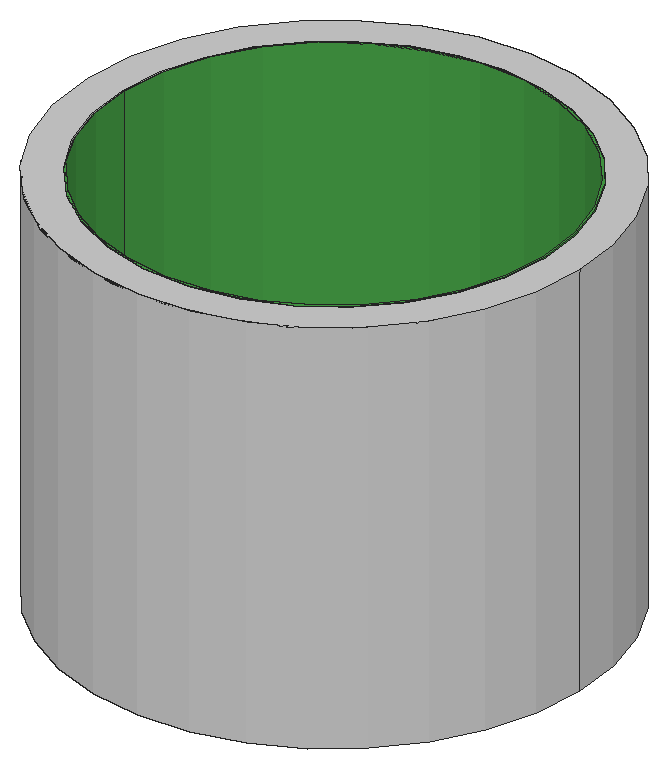
Revit family "Кольцо с плитой низа", category Обобщенные модели, Revit 2015
Parameters (values of type "ДК-10.9-ФУТ "ПБК ЭКОВЭЛЛ" с анкерными листами V-Lock")
  Толщина футеровки = 4 mm
  Толщина стенки = 80 mm
  Толщина основания = 100 mm
  Тип материалов покрытия = Полиэтилен низкого давления
  Тип бетона = БСТ B20 П1 F200 W4 ГОСТ 7473-2010
  Сайт изготовителя = "http://gisspb.ru/"
  Масса = 850.00 kg
  Изготовитель = "ООО \"ГИС\""
  Документ регламентирующий производство = "ТУ 5855-001-23107031-2013"
  Город и страна производства = "Санкт-Петербург, Российская Федерация"
  Высота = 890 mm
  Внутрений диаметр по футеровке = Внутрений диаметр - 2 * Толщина футеровки  # 992 mm
  Внутрений диаметр = 1000 mm
  Внешний диаметр = Внутрений диаметр + 2 * Толщина стенки  # 1160 mm
Types (2, lengths in mm): name | Толщина стенки | Толщина основания | Масса | Внутрений диаметр по футеровке | Внутрений диаметр | Внешний диаметр
  ДК-15.9 ФУТ "ПБК ЭКОВЭЛЛ" с анкерными листами V-Lock | 90 | 120 | 1500.00 kg | 1492 | 1500 | 1680
  ДК-10.9-ФУТ "ПБК ЭКОВЭЛЛ" с анкерными листами V-Lock | 80 | 100 | 850.00 kg | 992 | 1000 | 1160
Reference planes
  plane 1 "По центру (Вперед/Назад)": y = 0
  plane 2: z = 0
  plane 3 "По центру (Влево/Вправо)": x = 0
  plane 4: x = -500
  plane 5: x = 500
  plane 6: y = 500
  plane 7: y = -500
  plane 8: z = 890
  plane 9: x = -580
  plane 10: x = 580
  plane 11: y = 580
  plane 12: y = -580
  plane 13: z = 100
  plane 14: z = 104
Forms (mm)
  Extrusion 1, solid, material "БСТ B20 П1 F200 W4 ГОСТ 7473-2010" <- "Тип бетона"
    sketch origin (0, 0, 0) x (1, 0, 0) y (0, 1, 0)
      loop
        circle (0, 0) r 580
    from 0 to 890 <- "Высота"
  Extrusion 2, void
    sketch origin (0, 0, 0) x (1, 0, 0) y (0, 1, 0)
      loop
        circle (0, 0) r 500
    from 100 to 890
  Extrusion 3, solid, material "Полиэтилен низкого давления" <- "Тип материалов покрытия"
    sketch origin (0, 0, 0) x (1, 0, 0) y (0, 1, 0)
      loop
        circle (0, 0) r 500
      loop
        circle (0, 0) r 496
    from 100 to 890
  Extrusion 4, solid, material "Полиэтилен низкого давления" <- "Тип материалов покрытия"
    sketch origin (0, 0, 0) x (1, 0, 0) y (0, 1, 0)
      loop
        circle (0, 0) r 500
    from 100 to 104
Cuts and joins
  Extrusion 2 cuts Extrusion 1
  joined: Extrusion 3, Extrusion 4
Dimensions and locks
  equal spacing: plane 4, plane 3 "По центру (Влево/Вправо)", plane 5
  equal spacing: plane 6, plane 1 "По центру (Вперед/Назад)", plane 7
  "Внутрений диаметр": plane 6 to plane 7
  "Внутрений диаметр": plane 4 to plane 5
  "Высота": plane 8 to level
  "Толщина стенки": plane 6 to plane 11
  "Толщина стенки": plane 7 to plane 12
  "Толщина стенки": plane 5 to plane 10
  "Толщина стенки": plane 9 to plane 4
  "Толщина основания": plane 13 to level
  "Толщина футеровки": plane 14 to plane 13
  "Внешний диаметр": diameter of Extrusion 1 sketch curve
  "Внутрений диаметр": diameter of Extrusion 2 sketch curve
  "Внутрений диаметр по футеровке": diameter of Extrusion 3 sketch curve
  "Внутрений диаметр": diameter of Extrusion 3 sketch curve
  "Внутрений диаметр": diameter of Extrusion 4 sketch curve
  aligned and locked: level to plane 2
  aligned and locked: plane 8 to Extrusion 2
  aligned and locked: Extrusion 2 to plane 13
  aligned and locked: cut or joined group of Extrusion 1, Extrusion 2 to Extrusion 3
  aligned and locked: Extrusion 3 to cut or joined group of Extrusion 1, Extrusion 2
  aligned and locked: Extrusion 4 to cut or joined group of Extrusion 1, Extrusion 2
  aligned and locked: plane 14 to Extrusion 4
Automatic sketch dimensions
  plane 1 "По центру (Вперед/Назад)" to Extrusion 1 sketch curve = 0 mm
  Extrusion 1 sketch curve to plane 3 "По центру (Влево/Вправо)" = 0 mm
  plane 1 "По центру (Вперед/Назад)" to Extrusion 2 sketch curve = 0 mm
  Extrusion 2 sketch curve to plane 3 "По центру (Влево/Вправо)" = 0 mm
  Extrusion 3 sketch curve to Extrusion 3 sketch curve = 0 mm  (x2)
  plane 1 "По центру (Вперед/Назад)" to Extrusion 3 sketch curve = 0 mm
  Extrusion 3 sketch curve to plane 3 "По центру (Влево/Вправо)" = 0 mm
  plane 1 "По центру (Вперед/Назад)" to Extrusion 4 sketch curve = 0 mm
  Extrusion 4 sketch curve to plane 3 "По центру (Влево/Вправо)" = 0 mm
